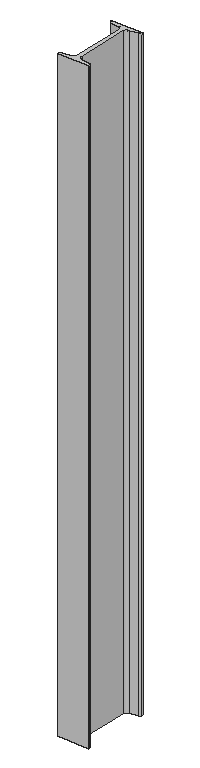
Revit family "848e524cdc81483581df81fd5629073f", category Structural Columns, Revit 2021
Family settings
  Section Shape = I-shape Sloped Flange
  Material for Model Behavior = Steel
  Always export as geometry = No
  Beam cutback in plan = From bounding box
  Family Name Key = S Shapes-Column
  Code Name = AISC 14.1
  OmniClass Number = 23.25.30.11.14.11
  OmniClass Title = Columns
  Seek Item ID = S-American Standard-0000-USA-ENU
  Cut with Voids When Loaded = No
  Symbolic Representation = From Project Settings
  Shared = No
  Show family pre-cut in plan views = Yes
Parameters (values of type "S12X50")
  Width = 0' - 5.48"
  Web Thickness = 0.68700"
  Web Fillet = 0.65900"
  Warping Constant = 501.00 in⁶
  Torsional Moment of Inertia = 2.7700 in⁴
  Torsional Modulus = 0.000 in³
  Structural Material [instance] = Steel ASTM A53
  Sloped Flange Angle = 9.46234°
  Section Name Key = ""
  Section Area = 14.70 in²
  Principal Axes Angle = 0.00°
  Plastic Modulus weak axis = 10.300 in³
  Plastic Modulus strong axis = 60.900 in³
  Nominal Weight = 50.00 lbf/ft
  Moment of Inertia weak axis = 15.6000 in⁴
  Moment of Inertia strong axis = 303.0000 in⁴
  Height = 1' - 0"
  Flange Thickness Location = 1.19825"
  Flange Thickness = 0.65900"
  Flange Fillet = 0.32950"
  Elastic Modulus weak axis = 5.690 in³
  Elastic Modulus strong axis = 50.600 in³
  Centroid Vertical = Height / 2  # 6.00000"
  Centroid Horizontal = Width / 2  # 2.74000"
  Bolt Spacing = 0' - 3"
  Assembly Code = "B10"
Reference planes (in)
  plane 1 "Center (Front/Back)": y = 0
  plane 2: z = 0
  plane 3 "Center (Left/Right)": x = 0
  plane 4: x = -2.74
  plane 5: x = 2.74
  plane 6: y = 6
  plane 7: y = -6
  plane 8: x = 0.3435
Forms (in)
  Sweep 1, solid, material "Steel ASTM A53" <- "Structural Material", detail levels fine
    path origin (0, 0, 0) x (1, 0, 0) y (0, 0, 1)
      loop
        line (0, 0) -> (0, 108)
    profile "S-American Standard-Profile-Fine : S-American Standard-Profile-Fine" origin (0, 0, 54) x (-1, 0, 0) y (0, -1, 0)
      loop
        line (2.74, 5.81984) -> (2.74, 6) -> (-2.74, 6) -> (-2.74, 5.81984)
        arc (-2.74, 5.81984) -> (-2.66192, 5.60686) -> (-2.46467, 5.49482) r 0.3295
        line (-2.46467, 5.49482) -> (-1.54175, 5.341) -> (-0.89416, 5.23307)
        arc (-0.89416, 5.23307) -> (-0.49967, 5.009) -> (-0.3435, 4.58303) r 0.659
        line (-0.3435, 4.58303) -> (-0.3435, -4.58303)
        arc (-0.3435, -4.58303) -> (-0.49967, -5.009) -> (-0.89416, -5.23307) r 0.659
        line (-0.89416, -5.23307) -> (-1.54175, -5.341) -> (-2.46467, -5.49482)
        arc (-2.46467, -5.49482) -> (-2.66192, -5.60686) -> (-2.74, -5.81984) r 0.3295
        line (-2.74, -5.81984) -> (-2.74, -6) -> (2.74, -6) -> (2.74, -5.81984)
        arc (2.74, -5.81984) -> (2.66192, -5.60686) -> (2.46467, -5.49482) r 0.3295
        line (2.46467, -5.49482) -> (1.54175, -5.341) -> (0.89416, -5.23307)
        arc (0.89416, -5.23307) -> (0.49967, -5.009) -> (0.3435, -4.58303) r 0.659
        line (0.3435, -4.58303) -> (0.3435, 4.58303)
        arc (0.3435, 4.58303) -> (0.49967, 5.009) -> (0.89416, 5.23307) r 0.659
        line (0.89416, 5.23307) -> (1.54175, 5.341) -> (2.46467, 5.49482)
        arc (2.46467, 5.49482) -> (2.66192, 5.60686) -> (2.74, 5.81984) r 0.3295
  Sweep 2, solid, material "Steel ASTM A53" <- "Structural Material", detail levels medium
    path origin (0, 0, 0) x (1, 0, 0) y (0, 0, 1)
      loop
        line (0, 0) -> (0, 108)
    profile "S-American Standard-Profile-Medium : S-American Standard-Profile-Medium" origin (0, 0, 54) x (-1, 0, 0) y (0, -1, 0)
      loop
        line (2.74, 5.54071) -> (2.74, 6) -> (-2.74, 6) -> (-2.74, 5.54071) -> (-1.54175, 5.341) -> (-0.3435, 5.14129) -> (-0.3435, -5.14129) -> (-1.54175, -5.341) -> (-2.74, -5.54071) -> (-2.74, -6) -> (2.74, -6) -> (2.74, -5.54071) -> (1.54175, -5.341) -> (0.3435, -5.14129) -> (0.3435, 5.14129) -> (1.54175, 5.341) -> (2.74, 5.54071)
Lines and regions (in)
  symbolic lines, style "StructuralColumnStickSymbols", detail levels coarse
    curve 1: line (-2.74, 6, 0) -> (2.74, 6, 0)
    curve 2: line (0, 6, 0) -> (0, -6, 0)
    curve 3: line (-2.74, -6, 0) -> (2.74, -6, 0)
  symbolic lines, style "Hidden Faces", detail levels medium+fine
    curve 4: line (-0.3435, 0, 108) -> (-0.3435, 0, 0)
    curve 5: line (0.3435, 0, 108) -> (0.3435, 0, 0)
Dimensions and locks (in)
  equal spacing: plane 4, plane 3 "Center (Left/Right)", plane 5
  equal spacing: plane 7, plane 1 "Center (Front/Back)", plane 6
  "Height": plane 7 to plane 6
  "Width": plane 4 to plane 5
  aligned and locked: level to plane 2
  aligned and locked: level to Sweep 1 sketch curve  (x2)
  aligned and locked: level to Sweep 2 sketch curve  (x2)
  aligned and locked: Sweep 2 sketch curve to plane 3 "Center (Left/Right)"
  aligned and locked: Sweep 1 sketch curve to plane 3 "Center (Left/Right)"
  aligned and locked: plane 6 to curve 1
  aligned and locked: plane 4 to curve 1
  aligned and locked: plane 5 to curve 1
  aligned and locked: curve 2 to plane 3 "Center (Left/Right)"
  aligned and locked: plane 7 to curve 2
  aligned and locked: plane 6 to curve 2
  aligned and locked: plane 7 to curve 3
  aligned and locked: plane 4 to curve 3
  aligned and locked: plane 5 to curve 3
  aligned and locked: curve 4 to Sweep 2
  aligned and locked: level to curve 4  (x2)
  aligned and locked: curve 5 to plane 8
  aligned and locked: level to curve 5  (x2)
